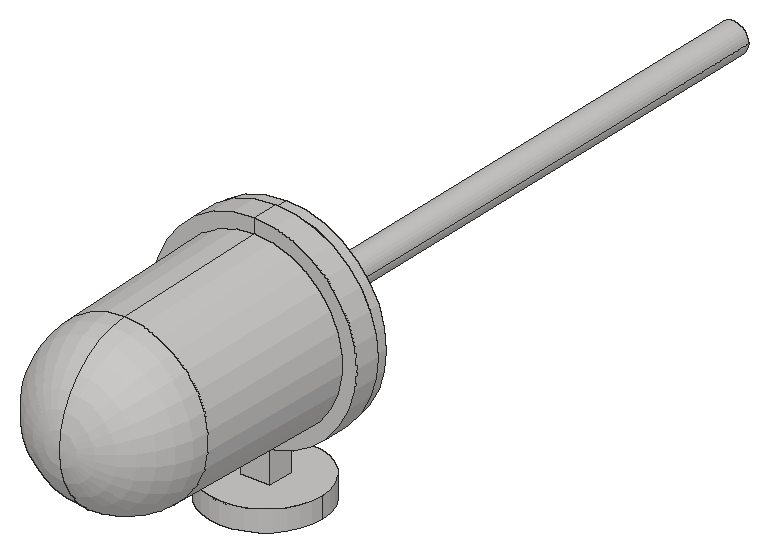
Revit family "Furniture_GroheLimited_EssentialsTolietBrushSet_40374000_METRICa", category Furniture, host Face, Revit 2015
Parameters (values of type "40374000")
  _DistributedBy = "www.bimstore.co.uk"
  _CurrentRevision = 1
  _CreatedBy = "www.bimstore.co.uk"
  _BimSpecGuid = 0
  _BSBibleVersion = 14
  _AuthorizedBy = "Kris Atkinson"
  _Author = "Ryan Lashley"
  WarrantyStartDate [instance] = "Please Record On Commissioning."
  WarrantyGuarantorParts = "info-uk@grohe.com"
  WarrantyGuarantorLabor = "info-uk@grohe.com"
  WarrantyDurationUnit = "Years"
  WarrantyDurationParts = "n/a"
  WarrantyDurationLabor = "n/a"
  WarrantyDescription = "n/a"
  URL = "www.grohe.com"
  TypeName = Model  # "Essentials Toliet Brush Set"
  Type Comments = "40374000"
  SpareParts = "n/a"
  Size = "n/a"
  Shape = "n/a"
  SerialNumber [instance] = "Please Record On Commissioning."
  ReplacementCost = "n/a"
  ReferencedStandard = "n/a"
  ProductionYear = "2017"
  ProductPageURL = "n/a"
  ProductDocumentationLink = "n/a"
  PrimaryMaterial = GroheLimited-Chorme
  Width = 121 mm
  Length = 95 mm
  Height = 400 mm
  PercentageOfRecycledContent = "n/a"
  NominalLength = 95 mm
  NominalHeight = 400 mm
  NominalDepth = 121 mm
  NBSReference = "45-35-72/364"
  NBSOfficeMasterTag = "n/a"
  NBSObjectName = "Grohe Limited - Toilet brush holders"
  NBSNote = ""
  NBSDescription = "Toilet brush holders"
  ModelReference = Model  # "Essentials Toliet Brush Set"
  ModelNumber = Type Comments  # "40374000"
  Model = "Essentials Toliet Brush Set"
  Material = "Chrome"
  MasterformatTitle = "Residential Faucets, Supplies, and Trim"
  MasterformatNumber = "22 41 39"
  ManufacturerName = "Grohe Limited"
  Manufacturer = "Grohe Limited"
  LowEmittingMaterial = no
  LEEDCredit = "n/a"
  Keynote = "N13"
  InstallationDate [instance] = "Please Record On Commissioning."
  IndustryStandards = "n/a"
  IfcExportType = "IfcPipeFittingType"
  IfcExportAs = "IfcPipeFitting"
  Grade = "n/a"
  Finish = Material  # "Chrome"
  Features = Description  # "Essentials Toliet Brush Set - Wall Mounted"
  ExpectedLife = 0
  Ecojoy = no
  DurationUnit = "Years"
  DocumentationTechnical = "n/a"
  DocumentationMaintenance = "n/a"
  DocumentationLiterature = "n/a"
  DocumentationInstallationGuide = "n/a"
  DocumentationCertificates = "n/a"
  Description = "Essentials Toliet Brush Set - Wall Mounted"
  Default Elevation = 0 mm
  CreatedOn = "2017-06-01T09:00:00"
  CreatedBy = "info-uk@grohe.com"
  Cost = 0
  Constituents = "n/a"
  Color = Material  # "Chrome"
  CodePerformance = "n/a"
  ClassificationValue = "Pr_40_20_76_86"
  ClassificationName = "Uniclass2015"
  BarCode [instance] = "Please Record On Commissioning."
  BIMObjectName = "Furniture_GroheLimited_EssentialsTolietBrushSet_40374000_METRIC"
  AssetType = "Fixed"
  AssetIdentifier [instance] = "Please Record On Commissioning."
  Assembly Code = "C1030220"
  AccessibilityPerformance = "n/a"
  ADACompliant = no
Types (10, lengths in mm): name | Type Comments | PrimaryMaterial | ModelNumber | Material | Finish | Color
  (no name) | "40374000" | GroheLimited-Chorme | "40374000" | "Chrome" | "Chrome" | "Chrome"
  40374000 | "40374000" | GroheLimited-Chorme | "40374000" | "Chrome" | "Chrome" | "Chrome"
  40374A01 | "40374A01" | GroheLimited-HardGraphite | "40374A01" | "Hard Graphite" | "Hard Graphite" | "Hard Graphite"
  40374AL1 | "40374AL1" | GroheLimited-BrushedHardGraphite | "40374AL1" | "Brushed Hard Graphite" | "Brushed Hard Graphite" | "Brushed Hard Graphite"
  40374BE1 | "40374BE1" | GroheLimited-Nickel | "40374BE1" | "Nickel" | "Nickel" | "Nickel"
  40374DA1 | "40374DA1" | GroheLimited-WarmSunset | "40374DA1" | "Warm Sunset" | "Warm Sunset" | "Warm Sunset"
  40374DL1 | "40374DL1" | GroheLimited-BrushedWarmSunset | "40374DL1" | "Brushed Warm Sunset" | "Brushed Warm Sunset" | "Brushed Warm Sunset"
  40374EN1 | "40374EN1" | GroheLimited-BrushedNickel | "40374EN1" | "Brushed Nickel" | "Brushed Nickel" | "Brushed Nickel"
  40374GL1 | "40374GL1" | GroheLimited-CoolSunrise | "40374GL1" | "Cool Sunrise" | "Cool Sunrise" | "Cool Sunrise"
  40374GN1 | "40374GN1" | GroheLimited-BrushedCoolSunrise | "40374GN1" | "Brushed Cool Sunrise" | "Brushed Cool Sunrise" | "Brushed Cool Sunrise"
Reference planes
  plane 1 "Center (Front/Back)": y = 0
  plane 2: z = 0
  plane 3 "Center (Left/Right)": x = 0
  plane 4: z = 0
Forms (mm)
  Extrusion 1, solid, material "GroheLimited-Chorme" <- "PrimaryMaterial"
    sketch origin (0, 0, 0) x (1, 0, 0) y (0, 1, 0)
      loop
        circle (0, 0) r 27
    from 0 to 10
  Extrusion 2, solid, material "GroheLimited-Chorme" <- "PrimaryMaterial"
    sketch origin (47.019, 0, 10) x (1, 0, 0) y (0, 1, 0)
      loop
        line (-40.019, 6) -> (-54.019, 6) -> (-54.019, -6) -> (-40.019, -6) -> (-40.019, 6)
    from 0 to 24.164
  Revolve 3, solid, material "GroheLimited-Chorme" <- "PrimaryMaterial"
    sketch origin (0, 0, 0) x (0, 1, 0) y (0, 0, 1)
      loop
        line (6.25, 73) -> (-6.25, 73) -> (-6.25, 25) -> (6.25, 25) -> (6.25, 73)
      axis (-6.25, 73) -> (6.25, 73)
    angle from 0 to 360
  Revolve 4, solid, material "GroheLimited-Chorme" <- "PrimaryMaterial"
    sketch origin (0, 0, 0) x (0, 1, 0) y (0, 0, 1)
      loop
        line (13.5, 73) -> (6.25, 73) -> (6.25, 31.523) -> (7.3, 31.5) -> (7.3, 26) -> (12.5, 26) -> (13.5, 27.2) -> (13.5, 73)
      loop
        line (-6.25, 31.802) -> (-6.25, 73) -> (-11.25, 73) -> (-11.25, 36.915) -> (-82.769, 38.509)
        arc (-82.769, 38.509) -> (-106.665, 48.878) -> (-116.5, 73) r 34.5
        line (-116.5, 73) -> (-121.5, 73)
        arc (-121.5, 73) -> (-110.24, 45.382) -> (-82.88, 33.51) r 39.5
        line (-82.88, 33.51) -> (-6.25, 31.802)
      axis (-121.5, 73) -> (13.5, 73)
    angle from 0 to 360
  Extrusion 5, solid, material "GroheLimited-Chorme" <- "PrimaryMaterial", detail levels medium+fine
    sketch origin (0, 0, 0) x (1, 0, 0) y (0, 0, 1)
      loop
        circle (0, 73) r 7
    from 25.535 to -276.592
  Revolve 6, solid, detail levels fine
    sketch origin (0, 0, 0) x (0, 1, 0) y (0, 0, 1)
      loop
        line (-25.535, 42.234) -> (-25.535, 73) -> (-111.5, 73)
        arc (-111.5, 73) -> (-103.091, 52.374) -> (-82.657, 43.507) r 29.5
        line (-82.657, 43.507) -> (-25.535, 42.234)
      axis (-25.535, 73) -> (-111.5, 73)
    angle from 0 to 360
Dimensions and locks
  aligned and locked: plane 2 to host face
  aligned and locked: level to host face
